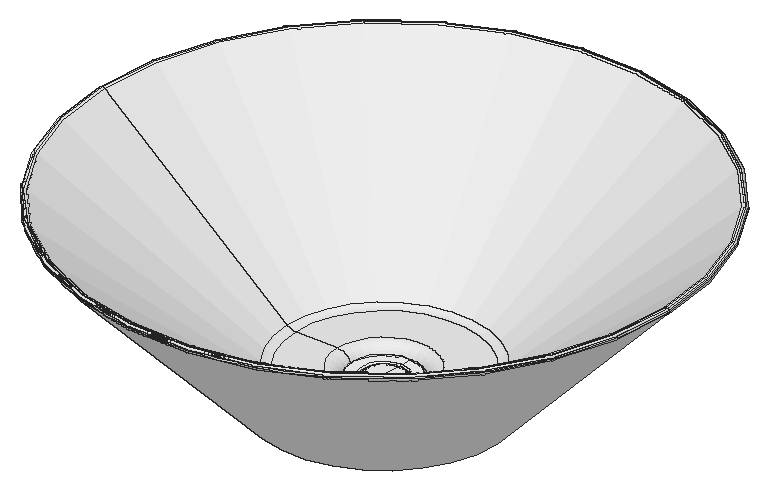
Revit family "Reece_Basin_Posh_Solus_Vessel_Above Counter", category Plumbing Fixtures, host Face, Revit 2018
Family settings
  Host = Face
  Round Connector Dimension = Use Diameter
  Part Type = Normal
  Cut with Voids When Loaded = No
  Shared = Yes
  Room Calculation Point = Yes
Parameters
  WFU = 0  # constant formula
  URL = "https://www.reece.com.au/product/-9503117"
  Type Comments = "Basin"
  Reece_Product_Web Page = "https://www.reece.com.au/product/-9503117"
  Reece_Product_Type = "Basin"  # constant formula
  Reece_Product_Sub Brand = "Solus"  # constant formula
  Reece_Product_Number = "9503117"
  Reece_Product_Mount = "Above Counter"
  Reece_Product_Description = "Posh Solus Vessel Basin 425mm White"  # constant formula
  Reece_Product_Brand = "Posh"  # constant formula
  Reece_Overall_Height = 135 mm  # constant formula
  Reece_Overall_Diameter = 425 mm  # constant formula
  Reece_Overall_Capacity = 7.00 L  # constant formula
  Reece_Material_Secondary = Reece_Brass_Chrome
  Reece_Material-Main = Reece_Vitreous China_White
  Reece_Detail_Installation = "Above Counter"  # constant formula
  Reece_Detail_Disclaimer = "THIS FILE IS THE PROPERTY OF THE REECE GROUP. IT MAY NOT BE REPRODUCED, REVERSE-ENGINEERED OR MODIFIED. ANY REPUBLICATION, TRANSMISSION OR DISTRIBUTION FOR THE PURPOSE OF COMMERCIALLY EXPLOITING THE FILES IS PROHIBITED."  # constant formula
  Reece_Detail_Connector = "No Taphole"  # constant formula
  Reece_Detail_Additional = "No Overflow"  # constant formula
  Reece_Basin_Supply Diameter 1 = 35 mm  # constant formula
  Reece_Basin_Outlet = 40 mm  # constant formula
  Model = "Solus"
  Manufacturer = "Posh"
  Keynote = "Product #9503117, Reece_Basin_Posh_Solus_Vessel_Above Counter -  "
  HWFU = 0  # constant formula
  Disclaimer = "THIS FILE IS THE PROPERTY OF THE REECE GROUP. IT MAY NOT BE REPRODUCED, REVERSE-ENGINEERED OR MODIFIED. ANY REPUBLICATION, TRANSMISSION OR DISTRIBUTION FOR THE PURPOSE OF COMMERCIALLY EXPLOITING THE FILES IS PROHIBITED."  # constant formula
  Description = "Posh Solus Vessel Basin 425mm White"
  Default Elevation = 1000 mm
  CWFU = 0  # constant formula
Types (2, lengths in mm): name | Keynote
  (no name) | "Product #9503117, Reece_Basin_Posh_Solus_Vessel_Above Counter -  "
  0 Taphole_Vitreous China_White | "Product #9503117, Reece_Basin_Posh_Solus_Vessel_Above Counter - 0 Taphole_Vitreous China_White"
Reference planes
  plane 1 "Center (Front/Back)": y = -79.125
  plane 2 "Bottom": z = 0
  plane 3 "Center (Left/Right)": x = 0
  plane 4: x = 212.5
  plane 5: x = -212.5
Forms (mm)
  Revolve 1, solid, material "Reece_Vitreous China_White" <- "Reece_Material-Main"
    sketch origin (0, -79.125, 0) x (1, 0, 0) y (0, 0, 1)
      loop
        line (-85, 0) -> (-70, 0) -> (-70, 2)
        arc (-70, 2) -> (-67.071, 9.071) -> (-60, 12) r 10
        line (-60, 12) -> (-40, 12)
        arc (-40, 12) -> (-36.464, 10.536) -> (-35, 7) r 5
        line (-35, 7) -> (-35, 0) -> (-25, 0) -> (-25, 12)
        arc (-25, 12) -> (-27.929, 19.071) -> (-35, 22) r 10
        line (-35, 22) -> (-66.459, 22)
        arc (-66.459, 22) -> (-69.797, 22.574) -> (-72.752, 24.229) r 10
        line (-72.752, 24.229) -> (-208.993, 134.554)
        arc (-208.993, 134.554) -> (-209.584, 134.885) -> (-210.252, 135) r 2
        line (-210.252, 135) -> (-211.5, 135)
        arc (-211.5, 135) -> (-212.207, 134.707) -> (-212.5, 134) r 1
        line (-212.5, 134) -> (-212.5, 132.838)
        arc (-212.5, 132.838) -> (-212.354, 132.089) -> (-211.939, 131.449) r 2
        line (-211.939, 131.449) -> (-85, 0)
      axis (0, 135) -> (0, 0)
    angle from 0 to 360
  Revolve 2, solid, material "Reece_Brass_Chrome" <- "Reece_Material_Secondary"
    sketch origin (0, -5, 13.79) x (0, 1, 0) y (0, 0, 1)
      loop
        line (-96.719, -1.29) -> (-74.125, -1.29) -> (-74.125, 3.022)
        arc (-74.125, 3.022) -> (-80.918, 2.76) -> (-87.689, 2.164) r 137.99
        arc (-87.689, 2.164) -> (-88.196, 1.902) -> (-88.4, 1.369) r 0.8
        line (-88.4, 1.369) -> (-88.4, 0.03) -> (-89.4, 0.03) -> (-89.4, 1.162)
        arc (-89.4, 1.162) -> (-89.68, 1.857) -> (-90.365, 2.161) r 1
        line (-90.365, 2.161) -> (-97.988, 2.428)
        arc (-97.988, 2.428) -> (-98.94, 1.827) -> (-98.73, 0.721) r 1
        line (-98.73, 0.721) -> (-96.719, -1.29)
      axis (-74.125, 3.022) -> (-74.125, -1.29)
    angle from 0 to 360
  Revolve 3, void
    sketch origin (0, -79.125, 0) x (1, 0, 0) y (0, 0, 1)
      loop
        line (-40, 0) -> (-40, -80) -> (0, -80) -> (0, 0) -> (-40, 0)
      axis (0, 0) -> (0, -80)
    angle from 0 to 360
Cuts and joins
  Revolve 3 cuts Revolve 1
Lines and regions (mm)
  symbolic lines, style "PlumbingFixtures"
    curve 1: line (-212.5, -79.125, 134.137) -> (-212.5, -79.125, 133.137)
    curve 2: line (-114.5, -79.125, 135) -> (-115.5, -79.125, 135)
    curve 3: circle (0, -79.125, 0) r 208 normal (0, 0, 1)
Text (mm)
  text "Reece Copyright © 2018, Reece Ltd." at (-1108.834, -679.227, 0), in view "Ref. Level"
  text "Reece ©" at (44.384, 258.95, 192.345), in view "Reece Preview"
Dimensions and locks
  equal spacing: plane 5, plane 3 "Center (Left/Right)", plane 4
  "Reece_Overall_Diameter": plane 5 to plane 4
  "Reece_Overall_Diameter": curve 1 to plane 4
  "Reece_Overall_Height": curve 2 to host face
  aligned and locked: host face to plane 2 "Bottom"
  aligned and locked: level to host face
Automatic sketch dimensions
  host sketch curve to host sketch curve = 696.216 mm
  host sketch curve to host sketch curve = 618.927 mm
  plane 5 to Revolve 1 sketch curve = 0 mm
  Revolve 1 sketch curve to level = 0 mm  (x2)
  Revolve 1 sketch curve to plane 3 "Center (Left/Right)" = 0 mm
  Revolve 1 sketch curve to plane 5 = 0.561 mm
  Revolve 1 sketch curve to Revolve 1 sketch curve = 1 mm  (x2)
  Revolve 1 sketch curve to Revolve 1 sketch curve = 1.248 mm
  Revolve 1 sketch curve to Revolve 1 sketch curve = 1.259 mm
  Revolve 1 sketch curve to plane 3 "Center (Left/Right)" = 85 mm
  Revolve 1 sketch curve to Revolve 1 sketch curve = 15 mm
  Revolve 1 sketch curve to Revolve 1 sketch curve = 3.541 mm
  level to Revolve 1 sketch curve = 2 mm
  Revolve 1 sketch curve to Revolve 1 sketch curve = 10 mm  (x3)
  level to Revolve 1 sketch curve = 7 mm
  Revolve 1 sketch curve to Revolve 1 sketch curve = 20 mm
  Revolve 1 sketch curve to Revolve 1 sketch curve = 5 mm  (x2)
  level to Revolve 1 sketch curve = 131.449 mm
  Revolve 1 sketch curve to Revolve 1 sketch curve = 0.162 mm
  Revolve 1 sketch curve to Revolve 1 sketch curve = 1.162 mm
  Revolve 1 sketch curve to Revolve 1 sketch curve = 6.293 mm
  Revolve 1 sketch curve to Revolve 1 sketch curve = 228 mm
  plane 1 "Center (Front/Back)" to Revolve 2 sketch curve = 24.606 mm
  Revolve 2 sketch curve to Revolve 2 sketch curve = 0.707 mm  (x2)
  Revolve 2 sketch curve to Revolve 2 sketch curve = 0.035 mm  (x2)
  Revolve 2 sketch curve to Revolve 2 sketch curve = 2.012 mm  (x2)
  Revolve 2 sketch curve to Revolve 2 sketch curve = 6.319 mm
  Revolve 2 sketch curve to Revolve 2 sketch curve = 1 mm  (x2)
  Revolve 2 sketch curve to Revolve 2 sketch curve = 0.8 mm
  Revolve 2 sketch curve to Revolve 2 sketch curve = 13.475 mm
  Revolve 2 sketch curve to plane 1 "Center (Front/Back)" = 1.913 mm
  Revolve 2 sketch curve to Revolve 2 sketch curve = 1.32 mm
  Revolve 2 sketch curve to Revolve 2 sketch curve = 1.133 mm
  Revolve 2 sketch curve to Revolve 2 sketch curve = 0.207 mm
  Revolve 2 sketch curve to Revolve 2 sketch curve = 4.312 mm
  Revolve 2 sketch curve to plane 1 "Center (Front/Back)" = 0 mm
  Revolve 2 sketch curve to Revolve 2 sketch curve = 21.978 mm
  Revolve 1 sketch curve to level = 100 mm
  Revolve 2 sketch curve to level = 121.164 mm
  level to Revolve 2 sketch curve = 12.5 mm
  Revolve 2 sketch curve to level = 56.21 mm
  plane 1 "Center (Front/Back)" to curve 3 = 0 mm
  curve 3 to plane 3 "Center (Left/Right)" = 0 mm
  Revolve 3 sketch curve to level = 0 mm
  Revolve 3 sketch curve to plane 3 "Center (Left/Right)" = 0 mm  (x2)
  Revolve 3 sketch curve to Revolve 3 sketch curve = 40 mm
  Revolve 3 sketch curve to level = 80 mm
  Revolve 3 sketch curve to Revolve 3 sketch curve = 0 mm
  Revolve 3 sketch curve to Revolve 3 sketch curve = 50 mm
  curve 2 to plane 5 = 97 mm
  curve 2 to curve 2 = 1 mm
  curve 1 to curve 2 = 0.863 mm
  curve 1 to curve 1 = 1 mm
  radius of curve 3 = 208 mm
Connectors
  piping at (0, -79.125, 0), diameter 40, driven by "Reece_Basin_Outlet"
    settings: on Revolve 1, index 1, connector inside diameter 609.6 mm, connector length 0 mm, flow factor 0, pipe flow 0.0 L/s, pressure drop 0.0 Pa, fitting loss kfactor 0, connector angle 0.00°, fixture units 0, engagement length 0 mm, angle of deflection 0.00°, flow configuration 0, flow direction 2, fitting loss method 0, system type 16, joint type 0, gender type 0, connector reference index -1, connector utility 0, adjustable connector no, is connector primary yes, connector description ""
